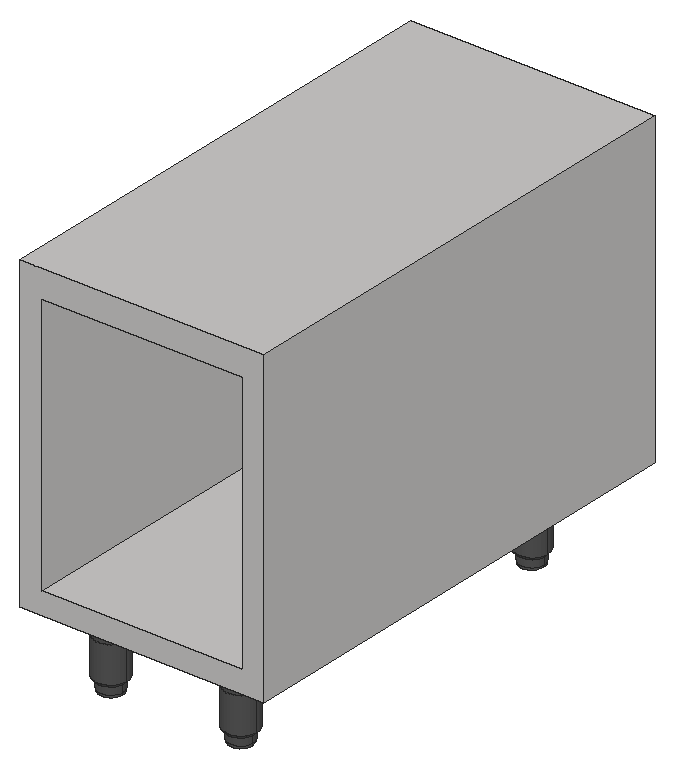
Revit family "QF_CAPIC_PO_W293021", category Equipement spécialisé, Revit 2018
Family settings
  Cote de connecteur circulaire = Utiliser le diamètre
  Type d'élément = Normal
  Numéro OmniClass = 23.40.40.14
  Titre OmniClass = Food Service Equipment
  Basée sur le plan de construction = Non
  Toujours verticalement = Oui
  Couper avec des vides une fois chargée = Non
  Partagée = Non
  Point de calcul de pièce = Non
Parameters (values of type "L=400mm")
  URL catalogue = "http://www.capic-fr.com/fr/"
  Type de Raccord Plomberie [instance] = ""
  Type de Raccord Electrique [instance] = ""
  Type de Gaz = ""
  Type article [instance] = ""
  Tension = 0 V
  Spécification du Fabricant = ""
  Show Logo = yes
  Remarques evacuation [instance] = ""
  Remarques Plomberie [instance] = ""
  Remarques Electricité [instance] = ""
  Puissance électrique  = 0 W
  Puissance Gaz kW = 0
  Profondeur hors tout = 801 mm
  Pression Maximum Eau Adoucie = 0.0 Pa
  Poids net à vide = 44.00 kg
  Phase = 0
  Modèle = "W293021"
  Longueur hors tout = 400 mm
  Intensité nominale = 0 A
  Hauteur hors tout = 630 mm
  Hauteur de Raccordement du Sol Finis = 0 mm
  Hauteur de Raccordement Gaz du Sol Finis = 0 mm
  Hauteur de Raccordement Evacuation Directe du Sol Finis = 0 mm
  Hauteur de Raccordement Eau Froide du Sol Finis = 0 mm
  Hauteur de Raccordement Eau Chaude du Sol Finis = 0 mm
  Hauteur de Raccordement Eau Adoucie du Sol Finis = 0 mm
  Fréquence = 0 Hz
  Fabricant = "CAPIC"
  Débit d'air d'extraction = 0.0 m³/h
  Débit Gaz = 0.0 L/s
  Débit Eau Froide = 0.0 L/s
  Débit Eau Chaude = 0.0 L/s
  Débit Eau Adoucie = 0.0 L/s
  Diamètre de Raccordement Gaz = 0 mm
  Diamètre de Raccordement Evacuation = 0 mm
  Diamètre de Raccordement Eau Froide = 0 mm
  Diamètre de Raccordement Eau Chaude = 0 mm
  Diamètre de Raccordement Eau Adoucie = 0 mm
  Description = "Placard Ouvert"
  Assembly Code = ""
  Classification  Omniclass nombre et titre = "23.40.40.14"
Reference planes
  plane 1 "Centre (avant/arrière)": y = 0
  plane 2: z = 0
  plane 3 "Centre (gauche/droite)": x = 0
  plane 4 "Centre G/E": y = 0
  plane 5: y = -838
  plane 6: x = 400
  plane 7: x = 398
  plane 8: x = 2
  plane 9: x = 365
  plane 10: y = -818
  plane 11: x = 358
  plane 12: y = -223
  plane 13: y = -820
  plane 14: z = 141
  plane 15: x = 42
  plane 16: x = 35
  plane 17: y = -182
  plane 18: z = 621
  plane 19: z = 120
  plane 20: y = -37
Forms (mm)
  Extrusion 1, solid, material "QF_Stainless Steel-Brushed"
    sketch origin (1480, 0, 0) x (1, 0, 0) y (0, 0, 1)
      loop
        line (-1480, 630) -> (-1480, 120) -> (-1080, 120) -> (-1080, 630) -> (-1480, 630)
    from 838 to 37
  Extrusion 2, void
    sketch origin (1480, 0, 0) x (1, 0, 0) y (0, 0, 1)
      loop
        line (-1445, 155.456) -> (-1115, 155.456) -> (-1115, 585.456) -> (-1445, 585.456) -> (-1445, 155.456)
    from 838 to 182
  Extrusion 3, void
    sketch origin (1480, 0, 0) x (1, 0, 0) y (0, 1, 0)
      loop
        line (-1445, -182) -> (-1445, -820) -> (-1115, -820) -> (-1115, -182) -> (-1445, -182)
    from 120 to 141
Cuts and joins
  Extrusion 2, Extrusion 3 cuts Extrusion 1
Dimensions and locks
  locked: plane 9 to plane 6 at 35
  locked: plane 10 to plane 5 at 20
  "Profondeur hors tout": plane 5 to plane 20
  locked: plane 12 to plane 13 at 597
  locked: plane 7 to plane 6 at 2
  locked: plane 3 "Centre (gauche/droite)" to plane 8 at 2
  "Longueur hors tout": plane 3 "Centre (gauche/droite)" to plane 6
  locked: plane 3 "Centre (gauche/droite)" to plane 16 at 35
  locked: plane 13 to plane 5 at 18
  locked: plane 3 "Centre (gauche/droite)" to plane 15 at 42
  locked: plane 11 to plane 6 at 42
  locked: plane 17 to plane 5 at 656
  plane 14 to plane 19 to plane 2 = 21 mm locked, 120 mm locked
  locked: plane 20 to plane 4 "Centre G/E" at 37
  aligned and locked: level to plane 2
  aligned and locked: Extrusion 1 to Extrusion 2
  aligned and locked: cut or joined group of Extrusion 1, Extrusion 2, Extrusion 3 to plane 5
  aligned and locked: nested 1 to plane 14
  aligned and locked: nested 2 to plane 14
  aligned and locked: nested 2 to plane 13
  aligned and locked: nested 2 to plane 15
  aligned and locked: nested 1 to plane 15
  aligned and locked: nested 1 to plane 12
  aligned and locked: nested 3 to plane 11
  aligned and locked: nested 4 to plane 11
  aligned and locked: nested 4 to plane 13
  aligned and locked: Extrusion 3 to plane 13
  aligned and locked: plane 17 to cut or joined group of Extrusion 1, Extrusion 2, Extrusion 3  (x2)
  aligned and locked: nested 3 to plane 12
  aligned and locked: plane 20 to cut or joined group of Extrusion 1, Extrusion 2, Extrusion 3
Automatic sketch dimensions
  Extrusion 1 sketch curve to plane 3 "Centre (gauche/droite)" = 0 mm
  Extrusion 1 sketch curve to plane 6 = 0 mm
  level to Extrusion 1 sketch curve = 120 mm
  Extrusion 1 sketch curve to Extrusion 1 sketch curve = 510 mm
  Extrusion 2 sketch curve to plane 9 = 0 mm
  level to Extrusion 2 sketch curve = 155.456 mm
  Extrusion 2 sketch curve to Extrusion 2 sketch curve = 430 mm
  Extrusion 3 sketch curve to plane 9 = 0 mm
  Extrusion 3 sketch curve to plane 10 = 2 mm
  plane 1 "Centre (avant/arrière)" to Extrusion 3 sketch curve = 182 mm
  Extrusion 2 sketch curve to plane 8 = 33 mm
  Extrusion 3 sketch curve to plane 8 = 33 mm
Nested families
  nested 1: "QF_Details_Pied" at (93.5, -223, 0), type "QF_Details_Pied"
  nested 2: "QF_Details_Pied" at (93.5, -820, 0), type "QF_Details_Pied"
  nested 3: "QF_Details_Pied" at (306.5, -223, 0), type "QF_Details_Pied"
  nested 4: "QF_Details_Pied" at (306.5, -820, 0), type "QF_Details_Pied"
Definition of nested family "QF_Details_Pied"
  Reference planes
    plane 1 "Centre (avant/arrière)": y = 0
    plane 2: z = 0
    plane 3 "Centre (gauche/droite)": x = 0
  Forms (mm)
    Extrusion 1, solid
      sketch origin (-137.492, 51.5, -340.756) x (1, 0, 0) y (0, 0, 1)
        loop
          line (85.992, 481.756) -> (85.992, 472.756) -> (188.992, 472.756) -> (188.992, 481.756) -> (85.992, 481.756)
      from -51.5 to 51.5
    Revolve 2, solid
      sketch origin (0, 51.5, -9) x (1, 0, 0) y (0, 0, 1)
        loop
          line (0, 141) -> (0, 9) -> (19.21, 9) -> (19.21, 13) -> (20.21, 13) -> (20.21, 26) -> (21.71, 26) -> (26.66, 30.95) -> (26.66, 90.95) -> (31.468, 136.698) -> (36.246, 141) -> (0, 141)
        axis (0, 141) -> (0, 9)
      angle from 0 to 360
  Dimensions and locks
    aligned and locked: level to plane 2
    aligned and locked: Extrusion 1 to Revolve 2 sketch curve
